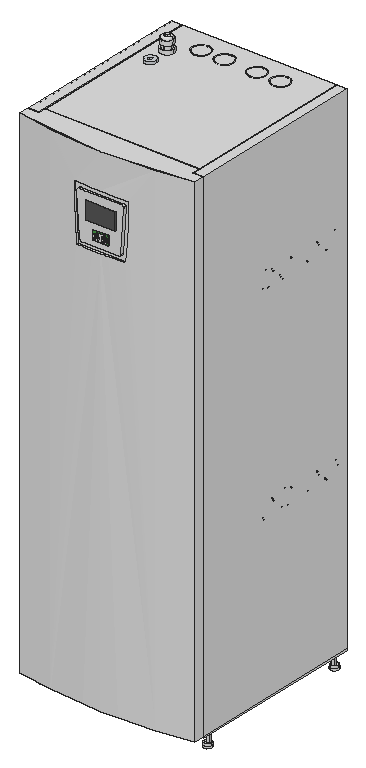
Revit family "HVAC_HeatPumpBW_Enertech_CTC-EcoPart-400_Pro", category Specialty Equipment, Revit 2020 (continued)
Lines and regions (mm)
  symbolic lines, detail levels fine
    curve 90: arc (135.992, 286.016, 0) -> (155.133, 277.691, 0) -> (163.458, 258.55, 0) r 28.484
    curve 91: arc (165.459, 258.55, 0) -> (156.547, 279.105, 0) -> (135.992, 288.017, 0) r 30.484
    curve 92: arc (106.526, 258.55, 0) -> (114.851, 277.691, 0) -> (133.992, 286.016, 0) r 28.484
    curve 93: arc (133.992, 288.017, 0) -> (113.437, 279.105, 0) -> (104.525, 258.55, 0) r 30.484
    curve 94: line (133.992, 286.016, 0) -> (133.992, 288.017, 0)
    curve 95: line (135.992, 288.017, 0) -> (135.992, 286.016, 0)
    curve 96: line (104.525, 258.55, 0) -> (106.526, 258.55, 0)
    curve 97: line (106.526, 256.55, 0) -> (104.525, 256.55, 0)
    curve 98: line (163.458, 258.55, 0) -> (165.459, 258.55, 0)
    curve 99: line (165.459, 256.55, 0) -> (163.458, 256.55, 0)
    curve 100: line (133.992, 227.083, 0) -> (133.992, 229.084, 0)
    curve 101: line (135.992, 229.084, 0) -> (135.992, 227.083, 0)
    curve 168: line (0, 218.401, 1800.305) -> (0, 182.832, 1800.305)
    curve 169: line (0, 180.5, 1798.959) -> (0, 220.733, 1798.959)
    curve 170: line (0, 216.637, 1785.2) -> (0, 184.596, 1785.2)
    curve 171: line (0, 184.596, 1771) -> (0, 216.637, 1771)
    curve 172: line (0, 222.616, 1760) -> (0, 178.616, 1760)
    curve 173: line (0, 149.865, 1760) -> (0, 111.368, 1760)
    curve 179: arc (0, 296.451, 1331) -> (0, 287.539, 1351.555) -> (0, 266.984, 1360.467) r 30.484
    curve 180: arc (0, 266.984, 1358.466) -> (0, 286.125, 1350.141) -> (0, 294.45, 1331) r 28.484
    curve 181: arc (0, 264.984, 1360.467) -> (0, 244.428, 1351.555) -> (0, 235.516, 1331) r 30.484
    curve 182: arc (0, 237.518, 1331) -> (0, 245.843, 1350.141) -> (0, 264.984, 1358.466) r 28.484
    curve 183: arc (0, 264.984, 1301.534) -> (0, 245.843, 1309.859) -> (0, 237.518, 1329) r 28.484
    curve 184: arc (0, 235.516, 1329) -> (0, 244.428, 1308.445) -> (0, 264.984, 1299.533) r 30.484
    curve 185: arc (0, 294.45, 1329) -> (0, 286.125, 1309.859) -> (0, 266.984, 1301.534) r 28.484
    curve 186: arc (0, 266.984, 1299.533) -> (0, 287.539, 1308.445) -> (0, 296.451, 1329) r 30.484
    curve 187: line (0, 237.518, 1329) -> (0, 235.516, 1329)
    curve 188: line (0, 235.516, 1331) -> (0, 237.518, 1331)
    curve 189: line (0, 266.984, 1301.534) -> (0, 266.984, 1299.533)
    curve 190: line (0, 264.984, 1299.533) -> (0, 264.984, 1301.534)
    curve 191: line (0, 296.451, 1329) -> (0, 294.45, 1329)
    curve 192: line (0, 294.45, 1331) -> (0, 296.451, 1331)
    curve 193: line (0, 266.984, 1360.467) -> (0, 266.984, 1358.466)
    curve 194: line (0, 264.984, 1358.466) -> (0, 264.984, 1360.467)
    curve 195: arc (0, 216.451, 1331) -> (0, 207.539, 1351.555) -> (0, 186.984, 1360.467) r 30.484
    curve 196: arc (0, 186.984, 1358.466) -> (0, 206.125, 1350.141) -> (0, 214.45, 1331) r 28.484
    curve 197: arc (0, 184.984, 1360.467) -> (0, 164.428, 1351.555) -> (0, 155.516, 1331) r 30.484
    curve 198: arc (0, 157.518, 1331) -> (0, 165.843, 1350.141) -> (0, 184.984, 1358.466) r 28.484
    curve 199: arc (0, 184.984, 1301.534) -> (0, 165.843, 1309.859) -> (0, 157.518, 1329) r 28.484
    curve 200: arc (0, 155.516, 1329) -> (0, 164.428, 1308.445) -> (0, 184.984, 1299.533) r 30.484
    curve 201: arc (0, 214.45, 1329) -> (0, 206.125, 1309.859) -> (0, 186.984, 1301.534) r 28.484
    curve 202: arc (0, 186.984, 1299.533) -> (0, 207.539, 1308.445) -> (0, 216.451, 1329) r 30.484
    curve 203: line (0, 157.518, 1329) -> (0, 155.516, 1329)
    curve 204: line (0, 155.516, 1331) -> (0, 157.518, 1331)
    curve 205: line (0, 186.984, 1301.534) -> (0, 186.984, 1299.533)
    curve 206: line (0, 184.984, 1299.533) -> (0, 184.984, 1301.534)
    curve 207: line (0, 216.451, 1329) -> (0, 214.45, 1329)
    curve 208: line (0, 214.45, 1331) -> (0, 216.451, 1331)
    curve 209: line (0, 186.984, 1360.467) -> (0, 186.984, 1358.466)
    curve 210: line (0, 184.984, 1358.466) -> (0, 184.984, 1360.467)
    curve 211: arc (0, 106.467, 1331) -> (0, 97.555, 1351.555) -> (0, 77, 1360.467) r 30.484
    curve 212: arc (0, 77, 1358.466) -> (0, 96.141, 1350.141) -> (0, 104.466, 1331) r 28.484
    curve 213: arc (0, 75, 1360.467) -> (0, 54.445, 1351.555) -> (0, 45.533, 1331) r 30.484
    curve 214: arc (0, 47.534, 1331) -> (0, 55.859, 1350.141) -> (0, 75, 1358.466) r 28.484
    curve 215: arc (0, 75, 1301.534) -> (0, 55.859, 1309.859) -> (0, 47.534, 1329) r 28.484
    curve 216: arc (0, 45.533, 1329) -> (0, 54.445, 1308.445) -> (0, 75, 1299.533) r 30.484
    curve 217: arc (0, 104.466, 1329) -> (0, 96.141, 1309.859) -> (0, 77, 1301.534) r 28.484
    curve 218: arc (0, 77, 1299.533) -> (0, 97.555, 1308.445) -> (0, 106.467, 1329) r 30.484
    curve 219: line (0, 47.534, 1329) -> (0, 45.533, 1329)
    curve 220: line (0, 45.533, 1331) -> (0, 47.534, 1331)
    curve 221: line (0, 77, 1301.534) -> (0, 77, 1299.533)
    curve 222: line (0, 75, 1299.533) -> (0, 75, 1301.534)
    curve 223: line (0, 106.467, 1329) -> (0, 104.466, 1329)
    curve 224: line (0, 104.466, 1331) -> (0, 106.467, 1331)
    curve 225: line (0, 77, 1360.467) -> (0, 77, 1358.466)
    curve 226: line (0, 75, 1358.466) -> (0, 75, 1360.467)
    curve 227: arc (0, 26.467, 1331) -> (0, 17.555, 1351.555) -> (0, -3, 1360.467) r 30.484
    curve 228: arc (0, -3, 1358.466) -> (0, 16.141, 1350.141) -> (0, 24.466, 1331) r 28.484
    curve 229: arc (0, -5, 1360.467) -> (0, -25.555, 1351.555) -> (0, -34.467, 1331) r 30.484
    curve 230: arc (0, -32.466, 1331) -> (0, -24.141, 1350.141) -> (0, -5, 1358.466) r 28.484
    curve 231: arc (0, -5, 1301.534) -> (0, -24.141, 1309.859) -> (0, -32.466, 1329) r 28.484
    curve 232: arc (0, -34.467, 1329) -> (0, -25.555, 1308.445) -> (0, -5, 1299.533) r 30.484
    curve 233: arc (0, 24.466, 1329) -> (0, 16.141, 1309.859) -> (0, -3, 1301.534) r 28.484
    curve 234: arc (0, -3, 1299.533) -> (0, 17.555, 1308.445) -> (0, 26.467, 1329) r 30.484
    curve 235: line (0, -32.466, 1329) -> (0, -34.467, 1329)
    curve 236: line (0, -34.467, 1331) -> (0, -32.466, 1331)
    curve 237: line (0, -3, 1301.534) -> (0, -3, 1299.533)
    curve 238: line (0, -5, 1299.533) -> (0, -5, 1301.534)
    curve 239: line (0, 26.467, 1329) -> (0, 24.466, 1329)
    curve 240: line (0, 24.466, 1331) -> (0, 26.467, 1331)
    curve 241: line (0, -3, 1360.467) -> (0, -3, 1358.466)
    curve 242: line (0, -5, 1358.466) -> (0, -5, 1360.467)
    curve 243: arc (0, 26.467, 631) -> (0, 17.555, 651.555) -> (0, -3, 660.467) r 30.484
    curve 244: arc (0, -3, 658.466) -> (0, 16.141, 650.141) -> (0, 24.466, 631) r 28.484
    curve 245: arc (0, -5, 660.467) -> (0, -25.555, 651.555) -> (0, -34.467, 631) r 30.484
    curve 246: arc (0, -32.466, 631) -> (0, -24.141, 650.141) -> (0, -5, 658.466) r 28.484
    curve 247: arc (0, -5, 601.534) -> (0, -24.141, 609.859) -> (0, -32.466, 629) r 28.484
    curve 248: arc (0, -34.467, 629) -> (0, -25.555, 608.445) -> (0, -5, 599.533) r 30.484
    curve 249: arc (0, 24.466, 629) -> (0, 16.141, 609.859) -> (0, -3, 601.534) r 28.484
    curve 250: arc (0, -3, 599.533) -> (0, 17.555, 608.445) -> (0, 26.467, 629) r 30.484
    curve 251: line (0, -32.466, 629) -> (0, -34.467, 629)
    curve 252: line (0, -34.467, 631) -> (0, -32.466, 631)
    curve 253: line (0, -3, 601.534) -> (0, -3, 599.533)
    curve 254: line (0, -5, 599.533) -> (0, -5, 601.534)
    curve 255: line (0, 26.467, 629) -> (0, 24.466, 629)
    curve 256: line (0, 24.466, 631) -> (0, 26.467, 631)
    curve 257: line (0, -3, 660.467) -> (0, -3, 658.466)
    curve 258: line (0, -5, 658.466) -> (0, -5, 660.467)
    curve 259: arc (0, 106.467, 631) -> (0, 97.555, 651.555) -> (0, 77, 660.467) r 30.484
    curve 260: arc (0, 77, 658.466) -> (0, 96.141, 650.141) -> (0, 104.466, 631) r 28.484
    curve 261: arc (0, 75, 660.467) -> (0, 54.445, 651.555) -> (0, 45.533, 631) r 30.484
    curve 262: arc (0, 47.534, 631) -> (0, 55.859, 650.141) -> (0, 75, 658.466) r 28.484
    curve 263: arc (0, 75, 601.534) -> (0, 55.859, 609.859) -> (0, 47.534, 629) r 28.484
    curve 264: arc (0, 45.533, 629) -> (0, 54.445, 608.445) -> (0, 75, 599.533) r 30.484
    curve 265: arc (0, 104.466, 629) -> (0, 96.141, 609.859) -> (0, 77, 601.534) r 28.484
    curve 266: arc (0, 77, 599.533) -> (0, 97.555, 608.445) -> (0, 106.467, 629) r 30.484
    curve 267: line (0, 47.534, 629) -> (0, 45.533, 629)
    curve 268: line (0, 45.533, 631) -> (0, 47.534, 631)
    curve 269: line (0, 77, 601.534) -> (0, 77, 599.533)
    curve 270: line (0, 75, 599.533) -> (0, 75, 601.534)
    curve 271: line (0, 106.467, 629) -> (0, 104.466, 629)
    curve 272: line (0, 104.466, 631) -> (0, 106.467, 631)
    curve 273: line (0, 77, 660.467) -> (0, 77, 658.466)
    curve 274: line (0, 75, 658.466) -> (0, 75, 660.467)
    curve 275: arc (0, 216.451, 631) -> (0, 207.539, 651.555) -> (0, 186.984, 660.467) r 30.484
    curve 276: arc (0, 186.984, 658.466) -> (0, 206.125, 650.141) -> (0, 214.45, 631) r 28.484
    curve 277: arc (0, 184.984, 660.467) -> (0, 164.428, 651.555) -> (0, 155.516, 631) r 30.484
    curve 278: arc (0, 157.518, 631) -> (0, 165.843, 650.141) -> (0, 184.984, 658.466) r 28.484
    curve 279: arc (0, 184.984, 601.534) -> (0, 165.843, 609.859) -> (0, 157.518, 629) r 28.484
    curve 280: arc (0, 155.516, 629) -> (0, 164.428, 608.445) -> (0, 184.984, 599.533) r 30.484
    curve 281: arc (0, 214.45, 629) -> (0, 206.125, 609.859) -> (0, 186.984, 601.534) r 28.484
    curve 282: arc (0, 186.984, 599.533) -> (0, 207.539, 608.445) -> (0, 216.451, 629) r 30.484
    curve 283: line (0, 157.518, 629) -> (0, 155.516, 629)
    curve 284: line (0, 155.516, 631) -> (0, 157.518, 631)
    curve 285: line (0, 186.984, 601.534) -> (0, 186.984, 599.533)
    curve 286: line (0, 184.984, 599.533) -> (0, 184.984, 601.534)
    curve 287: line (0, 216.451, 629) -> (0, 214.45, 629)
    curve 288: line (0, 214.45, 631) -> (0, 216.451, 631)
    curve 289: line (0, 186.984, 660.467) -> (0, 186.984, 658.466)
    curve 290: line (0, 184.984, 658.466) -> (0, 184.984, 660.467)
    curve 291: arc (0, 296.451, 631) -> (0, 287.539, 651.555) -> (0, 266.984, 660.467) r 30.484
    curve 292: arc (0, 266.984, 658.466) -> (0, 286.125, 650.141) -> (0, 294.45, 631) r 28.484
    curve 293: arc (0, 264.984, 660.467) -> (0, 244.428, 651.555) -> (0, 235.516, 631) r 30.484
    curve 294: arc (0, 237.518, 631) -> (0, 245.843, 650.141) -> (0, 264.984, 658.466) r 28.484
    curve 295: arc (0, 264.984, 601.534) -> (0, 245.843, 609.859) -> (0, 237.518, 629) r 28.484
    curve 296: arc (0, 235.516, 629) -> (0, 244.428, 608.445) -> (0, 264.984, 599.533) r 30.484
    curve 297: arc (0, 294.45, 629) -> (0, 286.125, 609.859) -> (0, 266.984, 601.534) r 28.484
    curve 298: arc (0, 266.984, 599.533) -> (0, 287.539, 608.445) -> (0, 296.451, 629) r 30.484
    curve 299: line (0, 237.518, 629) -> (0, 235.516, 629)
    curve 300: line (0, 235.516, 631) -> (0, 237.518, 631)
    curve 301: line (0, 266.984, 601.534) -> (0, 266.984, 599.533)
    curve 302: line (0, 264.984, 599.533) -> (0, 264.984, 601.534)
    curve 303: line (0, 296.451, 629) -> (0, 294.45, 629)
    curve 304: line (0, 294.45, 631) -> (0, 296.451, 631)
    curve 305: line (0, 266.984, 660.467) -> (0, 266.984, 658.466)
    curve 306: line (0, 264.984, 658.466) -> (0, 264.984, 660.467)
    curve 307: line (0, 316.77, 4) -> (0, 292.02, 4)
    curve 308: line (0, 309.395, 12) -> (0, 299.395, 12)
    curve 309: line (0, 332.5, 52.518) -> (0, -269.014, 52.518)
    curve 310: line (0, -269.014, 47.518) -> (0, 332.5, 47.518)
    curve 311: line (0, 309.395, 28) -> (0, 309.395, 47.518)
    curve 312: line (0, 299.395, 28) -> (0, 299.395, 47.518)
    curve 313: line (0, -233.639, 28) -> (0, -233.639, 47.518)
    curve 314: line (0, -223.605, 28) -> (0, -223.605, 47.518)
    curve 315: line (0, -116.757, 26.828) -> (0, -125.344, 18.242)
    curve 316: arc (0, -125.344, 18.242) -> (0, -126.758, 17.656) -> (0, -128.172, 18.242) r 2
    curve 317: arc (0, -113.929, 28) -> (0, -115.46, 27.696) -> (0, -116.757, 26.828) r 4
    curve 318: line (0, -128.172, 18.242) -> (0, -136.339, 26.409)
    curve 319: line (0, -137.753, 24.995) -> (0, -129.586, 16.828)
    curve 320: arc (0, -129.586, 16.828) -> (0, -126.758, 15.656) -> (0, -123.929, 16.828) r 4
    curve 321: line (0, -123.929, 16.828) -> (0, -115.343, 25.414)
    curve 322: line (0, -136.339, 26.409) -> (0, -137.753, 24.995)
    curve 323: arc (0, -115.343, 25.414) -> (0, -114.694, 25.848) -> (0, -113.929, 26) r 2
    curve 324: line (0, -113.929, 26) -> (0, -95.586, 26)
    curve 325: arc (0, -92.757, 26.828) -> (0, -94.055, 27.696) -> (0, -95.586, 28) r 4
    curve 326: arc (0, -95.586, 26) -> (0, -94.82, 25.848) -> (0, -94.171, 25.414) r 2
    curve 327: line (0, -84.171, 18.242) -> (0, -92.757, 26.828)
    curve 328: line (0, -94.171, 25.414) -> (0, -85.585, 16.828)
    curve 329: arc (0, -85.585, 16.828) -> (0, -82.756, 15.656) -> (0, -79.928, 16.828) r 4
    curve 330: arc (0, -81.342, 18.242) -> (0, -82.756, 17.656) -> (0, -84.171, 18.242) r 2
    curve 331: line (0, -73.175, 26.409) -> (0, -81.342, 18.242)
    curve 332: line (0, -79.928, 16.828) -> (0, -71.761, 24.995)
    curve 333: line (0, -71.761, 24.995) -> (0, -73.175, 26.409)
    curve 334: line (0, 159.743, 26.828) -> (0, 151.156, 18.242)
    curve 335: arc (0, 151.156, 18.242) -> (0, 149.742, 17.656) -> (0, 148.328, 18.242) r 2
    curve 336: arc (0, 162.571, 28) -> (0, 161.04, 27.696) -> (0, 159.743, 26.828) r 4
    curve 337: line (0, 148.328, 18.242) -> (0, 140.161, 26.409)
    curve 338: line (0, 138.747, 24.995) -> (0, 146.914, 16.828)
    curve 339: arc (0, 146.914, 16.828) -> (0, 149.742, 15.656) -> (0, 152.571, 16.828) r 4
    curve 340: line (0, 152.571, 16.828) -> (0, 161.157, 25.414)
    curve 341: line (0, 140.161, 26.409) -> (0, 138.747, 24.995)
    curve 342: arc (0, 161.157, 25.414) -> (0, 161.806, 25.848) -> (0, 162.571, 26) r 2
    curve 343: line (0, 162.571, 26) -> (0, 180.914, 26)
    curve 344: arc (0, 183.743, 26.828) -> (0, 182.445, 27.696) -> (0, 180.914, 28) r 4
    curve 345: arc (0, 180.914, 26) -> (0, 181.68, 25.848) -> (0, 182.329, 25.414) r 2
    curve 346: line (0, 192.329, 18.242) -> (0, 183.743, 26.828)
    curve 347: line (0, 182.329, 25.414) -> (0, 190.915, 16.828)
    curve 348: arc (0, 190.915, 16.828) -> (0, 193.744, 15.656) -> (0, 196.572, 16.828) r 4
    curve 349: arc (0, 195.158, 18.242) -> (0, 193.744, 17.656) -> (0, 192.329, 18.242) r 2
    curve 350: line (0, 203.325, 26.409) -> (0, 195.158, 18.242)
    curve 351: line (0, 196.572, 16.828) -> (0, 204.739, 24.995)
    curve 352: line (0, 204.739, 24.995) -> (0, 203.325, 26.409)
    curve 353: line (0, -273.014, 52.518) -> (0, -273.014, 1760)
    curve 354: line (0, -297.936, 1760) -> (0, -297.936, 52.518)
    curve 355: line (0, -312.015, 52.5) -> (0, -313.834, 1760)
    curve 356: line (0, -323.074, 1760) -> (0, -312.015, 52.5)
    curve 357: line (0, -233.639, 12) -> (0, -223.605, 12)
    curve 358: line (0, -216.264, 4) -> (0, -241.014, 4)
    curve 411: line (-222.893, 0, 1800.305) -> (-187.324, 0, 1800.305)
    curve 412: line (-184.992, 0, 1798.959) -> (-225.225, 0, 1798.959)
    curve 413: line (-221.129, 0, 1785.2) -> (-189.088, 0, 1785.2)
    curve 414: line (-221.129, 0, 1771) -> (-189.088, 0, 1771)
    curve 415: line (-227.108, 0, 1760) -> (-183.108, 0, 1760)
    curve 416: line (-185.86, 0, 1760) -> (-185.86, 0, 1766)
    curve 417: line (-185.86, 0, 1766) -> (-224.357, 0, 1766)
    curve 418: line (-224.357, 0, 1766) -> (-224.357, 0, 1760)
    curve 419: line (-298, 0, 52.5) -> (298, 0, 52.5)
    curve 420: line (284.5, 0, 47.518) -> (274.5, 0, 47.518)
    curve 421: line (274.5, 0, 12) -> (284.5, 0, 12)
    curve 422: line (267.125, 0, 4) -> (291.875, 0, 4)
    curve 423: line (255.5, 0, 28) -> (-255.5, 0, 28)
    curve 424: line (-255.5, 0, 26.409) -> (255.5, 0, 26.409)
    curve 425: line (255.5, 0, 24.995) -> (-255.5, 0, 24.995)
    curve 426: line (-267.125, 0, 4) -> (-291.875, 0, 4)
    curve 427: line (-284.5, 0, 12) -> (-274.5, 0, 12)
    curve 428: line (-274.5, 0, 47.518) -> (-284.5, 0, 47.518)
    curve 429: line (-208, 0, 1760) -> (-285.5, 0, 52.5)
    curve 430: line (285.5, 0, 52.5) -> (208, 0, 1760)
    curve 431: line (285.5, 0, 52.5) -> (258, 0, 1760)
    curve 432: line (93, 0, 1638.587) -> (-93, 0, 1638.587)
    curve 433: arc (-93, 0, 1638.587) -> (-91.512, 0, 1543.484) -> (-83.299, 0, 1448.723) r 1343.594
    curve 434: line (-83.299, 0, 1448.723) -> (83.299, 0, 1448.723)
    curve 435: arc (83.299, 0, 1448.723) -> (91.512, 0, 1543.484) -> (93, 0, 1638.587) r 1343.594
    curve 436: arc (69.564, 0, 1470.884) -> (77.259, 0, 1542.94) -> (79.512, 0, 1615.37) r 962.676
    curve 437: line (71.512, 0, 1623.318) -> (-71.512, 0, 1623.318)
    curve 438: arc (79.512, 0, 1615.37) -> (77.15, 0, 1620.993) -> (71.512, 0, 1623.318) r 8
    curve 439: arc (-71.512, 0, 1623.318) -> (-77.15, 0, 1620.993) -> (-79.512, 0, 1615.37) r 8
    curve 440: arc (-79.512, 0, 1615.37) -> (-77.259, 0, 1542.94) -> (-69.564, 0, 1470.884) r 962.676
    curve 441: arc (-69.564, 0, 1470.884) -> (-66.882, 0, 1465.983) -> (-61.647, 0, 1464.032) r 8
    curve 442: line (-61.647, 0, 1464.032) -> (61.647, 0, 1464.032)
    curve 443: arc (61.647, 0, 1464.032) -> (66.882, 0, 1465.983) -> (69.564, 0, 1470.884) r 8
    curve 444: line (-50.67, 0, 1536.092) -> (50.67, 0, 1536.092)
    curve 445: line (50.67, 0, 1536.092) -> (50.67, 0, 1596.158)
    curve 446: line (50.67, 0, 1596.158) -> (-50.67, 0, 1596.158)
    curve 447: line (-50.67, 0, 1596.158) -> (-50.67, 0, 1536.092)
    curve 448: line (25.5, 0, 1514.675) -> (-25.5, 0, 1514.675)
    curve 449: arc (-25.5, 0, 1514.675) -> (-26.914, 0, 1514.089) -> (-27.5, 0, 1512.675) r 2
    curve 450: line (-27.5, 0, 1512.675) -> (-27.5, 0, 1483.675)
    curve 451: arc (-27.5, 0, 1483.675) -> (-26.914, 0, 1482.261) -> (-25.5, 0, 1481.675) r 2
    curve 452: line (-25.5, 0, 1481.675) -> (25.5, 0, 1481.675)
    curve 453: arc (25.5, 0, 1481.675) -> (26.914, 0, 1482.261) -> (27.5, 0, 1483.675) r 2
    curve 454: line (27.5, 0, 1483.675) -> (27.5, 0, 1512.675)
    curve 455: arc (27.5, 0, 1512.675) -> (26.914, 0, 1514.089) -> (25.5, 0, 1514.675) r 2
    curve 456: spline (24.54, 0, 1497.655) -> (22.341, 0, 1501.729) -> (18.495, 0, 1504.309) -> (13.888, 0, 1504.801) -> (9.584, 0, 1503.092) -> (6.572, 0, 1499.574) -> (5.548, 0, 1495.059) -> (6.747, 0, 1490.587) -> (9.893, 0, 1487.189) -> (14.261, 0, 1485.647) -> (18.844, 0, 1486.318) -> (22.587, 0, 1489.046) -> (24.627, 0, 1493.202)
    curve 457: spline (18.433, 0, 1493.202) -> (17.635, 0, 1491.072) -> (16.341, 0, 1489.726) -> (14.815, 0, 1489.436) -> (13.364, 0, 1490.263) -> (12.285, 0, 1492.037) -> (11.795, 0, 1494.399) -> (11.994, 0, 1496.871) -> (12.842, 0, 1498.95) -> (14.166, 0, 1500.215) -> (15.698, 0, 1500.41) -> (17.128, 0, 1499.494) -> (18.165, 0, 1497.655)
    curve 458: line (18.165, 0, 1497.655) -> (24.54, 0, 1497.655)
    curve 459: line (24.627, 0, 1493.202) -> (18.433, 0, 1493.202)
    curve 460: line (11.698, 0, 1510.834) -> (-11.698, 0, 1510.834)
    curve 461: line (3.815, 0, 1505.508) -> (11.698, 0, 1505.514)
    curve 462: line (-11.698, 0, 1505.493) -> (-3.818, 0, 1505.502)
    curve 463: line (-11.698, 0, 1510.834) -> (-11.698, 0, 1505.493)
    curve 464: line (11.698, 0, 1505.514) -> (11.698, 0, 1510.834)
    curve 465: line (-3.818, 0, 1505.502) -> (-3.81, 0, 1485.555)
    curve 466: line (3.815, 0, 1485.555) -> (3.815, 0, 1505.508)
    curve 467: line (-3.81, 0, 1485.555) -> (3.815, 0, 1485.555)
    curve 468: spline (-5.46, 0, 1497.655) -> (-7.659, 0, 1501.729) -> (-11.505, 0, 1504.309) -> (-16.112, 0, 1504.801) -> (-20.416, 0, 1503.092) -> (-23.428, 0, 1499.574) -> (-24.452, 0, 1495.059) -> (-23.253, 0, 1490.587) -> (-20.107, 0, 1487.189) -> (-15.739, 0, 1485.647) -> (-11.156, 0, 1486.318) -> (-7.413, 0, 1489.046) -> (-5.373, 0, 1493.202)
    curve 469: spline (-11.567, 0, 1493.202) -> (-12.365, 0, 1491.072) -> (-13.659, 0, 1489.726) -> (-15.185, 0, 1489.436) -> (-16.636, 0, 1490.263) -> (-17.715, 0, 1492.037) -> (-18.205, 0, 1494.399) -> (-18.006, 0, 1496.871) -> (-17.158, 0, 1498.95) -> (-15.834, 0, 1500.215) -> (-14.302, 0, 1500.41) -> (-12.872, 0, 1499.494) -> (-11.835, 0, 1497.655)
    curve 470: line (-5.373, 0, 1493.202) -> (-11.567, 0, 1493.202)
    curve 471: line (-11.835, 0, 1497.655) -> (-5.46, 0, 1497.655)
    curve 478: line (-285.5, 0, 52.5) -> (-258, 0, 1760)
  symbolic lines, detail levels coarse
    curve 102: line (-298, 336.5, 0) -> (-298, -336.5, 0)
    curve 103: line (-298, -336.5, 0) -> (298, -336.5, 0)
    curve 104: line (298, -336.5, 0) -> (298, 336.5, 0)
    curve 123: line (0, 222.616, 1807) -> (0, 178.616, 1807)
    curve 124: line (0, 178.616, 1807) -> (0, 178.616, 1760)
    curve 125: line (0, 222.616, 1760) -> (0, 222.616, 1807)
    curve 126: line (0, -336.5, 1760) -> (0, -336.5, 0)
    curve 127: line (0, -336.5, 0) -> (0, 336.5, 0)
    curve 128: line (0, 336.5, 0) -> (0, 336.5, 1560.571)
    curve 472: line (-227.108, 0, 1760) -> (-227.108, 0, 1807)
    curve 473: line (-183.108, 0, 1760) -> (-183.108, 0, 1807)
    curve 474: line (-227.108, 0, 1807) -> (-183.108, 0, 1807)
    curve 475: line (-298, 0, 1760) -> (-298, 0, 0)
    curve 476: line (-298, 0, 0) -> (298, 0, 0)
    curve 477: line (298, 0, 0) -> (298, 0, 1760)
Dimensions and locks
  equal spacing: plane 4, plane 3 "Center (Left/Right)", plane 5
  "NominalWidth": plane 4 to plane 5
  equal spacing: plane 6, plane 1 "Center (Front/Back)", plane 7
  "NominalDepth": plane 6 to plane 7
  "NominalHeight": plane 8 to level
  aligned and locked: level to plane 2
Automatic sketch dimensions
  curve 24 to curve 25 = 0 mm  (x2)
  curve 24 to curve 26 = 0 mm  (x2)
  curve 24 to curve 27 = 0 mm  (x2)
  curve 25 to curve 26 = 0 mm  (x2)
  curve 25 to curve 27 = 0 mm  (x2)
  curve 26 to curve 27 = 0 mm  (x2)
  curve 28 to curve 29 = 0 mm  (x2)
  curve 28 to curve 30 = 0 mm  (x2)
  curve 28 to curve 31 = 0 mm  (x2)
  curve 28 to curve 32 = 0 mm  (x2)
  curve 28 to curve 33 = 0 mm  (x2)
  curve 28 to curve 34 = 0 mm  (x2)
  curve 28 to curve 35 = 0 mm  (x2)
  curve 28 to curve 36 = 0 mm  (x2)
  curve 28 to curve 37 = 0 mm  (x2)
  curve 29 to curve 30 = 0 mm  (x2)
  curve 29 to curve 31 = 0 mm  (x2)
  curve 29 to curve 32 = 0 mm  (x2)
  curve 29 to curve 33 = 0 mm  (x2)
  curve 29 to curve 34 = 0 mm  (x2)
  curve 29 to curve 35 = 0 mm  (x2)
  curve 29 to curve 36 = 0 mm  (x2)
  curve 29 to curve 37 = 0 mm  (x2)
  curve 30 to curve 31 = 0 mm  (x2)
  curve 30 to curve 32 = 0 mm  (x2)
  curve 30 to curve 33 = 0 mm  (x2)
  curve 30 to curve 34 = 0 mm  (x2)
  curve 30 to curve 35 = 0 mm  (x2)
  curve 30 to curve 36 = 0 mm  (x2)
  curve 30 to curve 37 = 0 mm  (x2)
  curve 31 to curve 32 = 0 mm  (x2)
  curve 31 to curve 33 = 0 mm  (x2)
  curve 31 to curve 34 = 0 mm  (x2)
  curve 31 to curve 35 = 0 mm  (x2)
  curve 31 to curve 36 = 0 mm  (x2)
  curve 31 to curve 37 = 0 mm  (x2)
  curve 32 to curve 33 = 0 mm  (x2)
  curve 32 to curve 34 = 0 mm  (x2)
  curve 32 to curve 35 = 0 mm  (x2)
  curve 32 to curve 36 = 0 mm  (x2)
  curve 32 to curve 37 = 0 mm  (x2)
  curve 33 to curve 34 = 0 mm  (x2)
  curve 33 to curve 35 = 0 mm  (x2)
  curve 33 to curve 36 = 0 mm  (x2)
  curve 33 to curve 37 = 0 mm  (x2)
  curve 34 to curve 35 = 0 mm  (x2)
  curve 34 to curve 36 = 0 mm  (x2)
  curve 34 to curve 37 = 0 mm  (x2)
  curve 35 to curve 36 = 0 mm  (x2)
  curve 35 to curve 37 = 0 mm  (x2)
  curve 36 to curve 37 = 0 mm  (x2)
  curve 38 to curve 39 = 0 mm  (x2)
  curve 38 to curve 40 = 0 mm  (x2)
  curve 38 to curve 41 = 0 mm  (x2)
  curve 38 to curve 42 = 0 mm  (x2)
  curve 38 to curve 43 = 0 mm  (x2)
  curve 38 to curve 44 = 0 mm  (x2)
  curve 38 to curve 45 = 0 mm  (x2)
  curve 39 to curve 40 = 0 mm  (x2)
  curve 39 to curve 41 = 0 mm  (x2)
  curve 39 to curve 42 = 0 mm  (x2)
  curve 39 to curve 43 = 0 mm  (x2)
  curve 39 to curve 44 = 0 mm  (x2)
  curve 39 to curve 45 = 0 mm  (x2)
  curve 40 to curve 41 = 0 mm  (x2)
  curve 40 to curve 42 = 0 mm  (x2)
  curve 40 to curve 43 = 0 mm  (x2)
  curve 40 to curve 44 = 0 mm  (x2)
  curve 40 to curve 45 = 0 mm  (x2)
  curve 41 to curve 42 = 0 mm  (x2)
  curve 41 to curve 43 = 0 mm  (x2)
  curve 41 to curve 44 = 0 mm  (x2)
  curve 41 to curve 45 = 0 mm  (x2)
  curve 42 to curve 43 = 0 mm  (x2)
  curve 42 to curve 44 = 0 mm  (x2)
  curve 42 to curve 45 = 0 mm  (x2)
  curve 43 to curve 44 = 0 mm  (x2)
  curve 43 to curve 45 = 0 mm  (x2)
  curve 44 to curve 45 = 0 mm  (x2)
  curve 54 to curve 55 = 0 mm  (x2)
  curve 54 to curve 56 = 0 mm  (x2)
  curve 54 to curve 57 = 0 mm  (x2)
  curve 54 to curve 58 = 0 mm  (x2)
  curve 54 to curve 59 = 0 mm  (x2)
  curve 54 to curve 60 = 0 mm  (x2)
  curve 54 to curve 61 = 0 mm  (x2)
  curve 55 to curve 56 = 0 mm  (x2)
  curve 55 to curve 57 = 0 mm  (x2)
  curve 55 to curve 58 = 0 mm  (x2)
  curve 55 to curve 59 = 0 mm  (x2)
  curve 55 to curve 60 = 0 mm  (x2)
  curve 55 to curve 61 = 0 mm  (x2)
  curve 56 to curve 57 = 0 mm  (x2)
  curve 56 to curve 58 = 0 mm  (x2)
  curve 56 to curve 59 = 0 mm  (x2)
  curve 56 to curve 60 = 0 mm  (x2)
  curve 56 to curve 61 = 0 mm  (x2)
  curve 57 to curve 58 = 0 mm  (x2)
  curve 57 to curve 59 = 0 mm  (x2)
  curve 57 to curve 60 = 0 mm  (x2)
  curve 57 to curve 61 = 0 mm  (x2)
  curve 58 to curve 59 = 0 mm  (x2)
  curve 58 to curve 60 = 0 mm  (x2)
  curve 58 to curve 61 = 0 mm  (x2)
  curve 59 to curve 60 = 0 mm  (x2)
  curve 59 to curve 61 = 0 mm  (x2)
  curve 60 to curve 61 = 0 mm  (x2)
  curve 70 to curve 71 = 0 mm  (x2)
  curve 70 to curve 72 = 0 mm  (x2)
  curve 70 to curve 73 = 0 mm  (x2)
  curve 70 to curve 74 = 0 mm  (x2)
  curve 70 to curve 75 = 0 mm  (x2)
  curve 70 to curve 76 = 0 mm  (x2)
  curve 70 to curve 77 = 0 mm  (x2)
  curve 71 to curve 72 = 0 mm  (x2)
  curve 71 to curve 73 = 0 mm  (x2)
  curve 71 to curve 74 = 0 mm  (x2)
  curve 71 to curve 75 = 0 mm  (x2)
  curve 71 to curve 76 = 0 mm  (x2)
  curve 71 to curve 77 = 0 mm  (x2)
  curve 72 to curve 73 = 0 mm  (x2)
  curve 72 to curve 74 = 0 mm  (x2)
  curve 72 to curve 75 = 0 mm  (x2)
  curve 72 to curve 76 = 0 mm  (x2)
  curve 72 to curve 77 = 0 mm  (x2)
  curve 73 to curve 74 = 0 mm  (x2)
  curve 73 to curve 75 = 0 mm  (x2)
  curve 73 to curve 76 = 0 mm  (x2)
  curve 73 to curve 77 = 0 mm  (x2)
  curve 74 to curve 75 = 0 mm  (x2)
  curve 74 to curve 76 = 0 mm  (x2)
  curve 74 to curve 77 = 0 mm  (x2)
  curve 75 to curve 76 = 0 mm  (x2)
  curve 75 to curve 77 = 0 mm  (x2)
  curve 76 to curve 77 = 0 mm  (x2)
  curve 86 to curve 87 = 0 mm  (x2)
  curve 86 to curve 88 = 0 mm  (x2)
  curve 86 to curve 89 = 0 mm  (x2)
  curve 86 to curve 90 = 0 mm  (x2)
  curve 86 to curve 91 = 0 mm  (x2)
  curve 86 to curve 92 = 0 mm  (x2)
  curve 86 to curve 93 = 0 mm  (x2)
  curve 87 to curve 88 = 0 mm  (x2)
  curve 87 to curve 89 = 0 mm  (x2)
  curve 87 to curve 90 = 0 mm  (x2)
  curve 87 to curve 91 = 0 mm  (x2)
  curve 87 to curve 92 = 0 mm  (x2)
  curve 87 to curve 93 = 0 mm  (x2)
  curve 88 to curve 89 = 0 mm  (x2)
  curve 88 to curve 90 = 0 mm  (x2)
  curve 88 to curve 91 = 0 mm  (x2)
  curve 88 to curve 92 = 0 mm  (x2)
  curve 88 to curve 93 = 0 mm  (x2)
  curve 89 to curve 90 = 0 mm  (x2)
  curve 89 to curve 91 = 0 mm  (x2)
  curve 89 to curve 92 = 0 mm  (x2)
  curve 89 to curve 93 = 0 mm  (x2)
  curve 90 to curve 91 = 0 mm  (x2)
  curve 90 to curve 92 = 0 mm  (x2)
  curve 90 to curve 93 = 0 mm  (x2)
  curve 91 to curve 92 = 0 mm  (x2)
  curve 91 to curve 93 = 0 mm  (x2)
  curve 92 to curve 93 = 0 mm  (x2)
  curve 103 to plane 4 = 0 mm
  curve 20 to plane 6 = 0 mm
  curve 13 to plane 3 "Center (Left/Right)" = 0 mm
  curve 16 to plane 5 = 0 mm
  curve 103 to plane 7 = 0 mm
  plane 4 to curve 19 = 35 mm
  plane 4 to curve 11 = 40 mm
  curve 20 to curve 8 = 24.493 mm
  curve 8 to curve 6 = 28 mm
  plane 7 to curve 12 = 13.426 mm
  curve 11 to curve 12 = 50 mm
  plane 4 to curve 28 = 92.892 mm
  curve 27 to curve 28 = 0 mm
  curve 28 to curve 49 = 39.649 mm
  curve 48 to curve 49 = 0 mm  (x2)
  curve 49 to curve 49 = 2.001 mm
  curve 48 to curve 46 = 27.466 mm
  curve 38 to curve 52 = 27.466 mm
  curve 49 to curve 43 = 28.466 mm
  curve 38 to curve 53 = 2 mm
  curve 46 to curve 47 = 2 mm
  curve 38 to curve 50 = 28.466 mm
  curve 51 to curve 42 = 0 mm
  curve 42 to curve 50 = 2.001 mm
  curve 51 to curve 43 = 0 mm
  curve 43 to curve 64 = 19.066 mm
  curve 65 to curve 61 = 0 mm
  curve 55 to curve 65 = 2.001 mm
  curve 64 to curve 65 = 0 mm
  curve 64 to curve 62 = 27.466 mm
  curve 54 to curve 68 = 27.466 mm
  curve 65 to curve 60 = 28.466 mm
  curve 68 to curve 69 = 2 mm
  curve 60 to curve 63 = 2 mm
  curve 66 to plane 3 "Center (Left/Right)" = 26.526 mm
  curve 67 to curve 58 = 0 mm
  curve 66 to curve 66 = 2.001 mm
  curve 67 to curve 66 = 0 mm
  plane 3 "Center (Left/Right)" to curve 81 = 24.525 mm
  curve 80 to curve 71 = 0 mm
  curve 81 to curve 81 = 2.001 mm
  curve 80 to curve 81 = 0 mm
  curve 80 to curve 78 = 27.466 mm
  curve 70 to curve 84 = 27.466 mm
  curve 81 to curve 77 = 28.466 mm
  curve 71 to curve 85 = 2 mm
  curve 77 to curve 79 = 2 mm
  curve 70 to curve 83 = 28.466 mm
  curve 82 to curve 72 = 0 mm
  curve 72 to curve 83 = 2.001 mm
  curve 82 to curve 73 = 0 mm
  curve 73 to curve 97 = 19.066 mm
  curve 96 to curve 87 = 0 mm
  curve 93 to curve 96 = 2.001 mm
  curve 97 to curve 96 = 0 mm
  curve 92 to curve 94 = 27.466 mm
  curve 86 to curve 100 = 27.466 mm
  curve 97 to curve 89 = 28.466 mm
  curve 87 to curve 101 = 2 mm
  curve 93 to curve 95 = 2 mm
  curve 86 to curve 99 = 28.466 mm
  curve 98 to curve 99 = 0 mm
  curve 88 to curve 99 = 2.001 mm
  curve 98 to curve 89 = 0 mm
  plane 7 to curve 14 = 13.426 mm
  curve 4 to plane 5 = 87.493 mm
  plane 6 to curve 2 = 1 mm
  curve 3 to curve 2 = 28 mm
  curve 15 to plane 5 = 40 mm
  curve 17 to plane 5 = 35 mm
  plane 7 to curve 14 = 22.666 mm
  plane 7 to curve 11 = 22.666 mm
  curve 103 to curve 15 = 38.564 mm
  plane 7 to curve 10 = 38.564 mm
  curve 11 to curve 20 = 40.82 mm
  curve 14 to curve 18 = 40.82 mm
  curve 25 to plane 1 "Center (Front/Back)" = 130.616 mm
  curve 24 to curve 33 = 70 mm
  curve 101 to plane 6 = 109.417 mm
  curve 69 to plane 6 = 109.417 mm
  curve 84 to curve 89 = 0 mm
  curve 28 to curve 53 = 29.966 mm
  curve 71 to curve 85 = 0 mm
  curve 100 to curve 89 = 0 mm
  curve 52 to curve 53 = 0 mm
  curve 68 to curve 69 = 0 mm
  curve 89 to curve 101 = 2.001 mm
  curve 39 to curve 52 = 2.001 mm
  curve 73 to curve 85 = 2.001 mm
  curve 68 to curve 68 = 2.001 mm
  curve 57 to curve 66 = 2 mm
  curve 89 to curve 98 = 2 mm
  curve 97 to curve 96 = 2 mm
  curve 65 to curve 64 = 2 mm
  curve 40 to curve 50 = 2 mm
  curve 49 to curve 48 = 2 mm
  curve 73 to curve 82 = 2 mm
  curve 81 to curve 80 = 2 mm
  plane 6 to curve 8 = 1 mm
  plane 6 to curve 13 = 937.934 mm
  curve 28 to curve 28 = 22 mm
  curve 28 to curve 29 = 1.883 mm
  curve 24 to curve 24 = 19.248 mm
  curve 29 to curve 30 = 2.332 mm
  curve 35 to curve 31 = 6.435 mm
  curve 26 to curve 24 = 7.026 mm
  curve 32 to curve 28 = 5.5 mm
  curve 17 to curve 21 = 26 mm
  curve 475 to level = 0 mm
  curve 475 to plane 4 = 0 mm
  curve 385 to level = 0 mm
  curve 478 to plane 8 = 0 mm
  curve 365 to level = 0 mm
  curve 408 to plane 5 = 0 mm
  curve 436 to plane 8 = 150.939 mm
  curve 436 to plane 4 = 585.144 mm
  curve 435 to plane 8 = 147.962 mm
  curve 435 to curve 436 = 367.188 mm
  plane 4 to curve 386 = 4.125 mm
  curve 385 to curve 426 = 2 mm
  plane 4 to curve 428 = 13.5 mm
  curve 389 to curve 379 = 10 mm
  curve 379 to curve 380 = 7.375 mm
  curve 381 to curve 384 = 2 mm
  curve 378 to curve 377 = 11.5 mm
  curve 376 to curve 375 = 7.5 mm
  plane 4 to curve 415 = 70.892 mm
  curve 472 to curve 398 = 1.883 mm
  curve 393 to curve 418 = 2.752 mm
  curve 397 to curve 398 = 2.332 mm
  curve 396 to curve 396 = 4.096 mm
  curve 398 to curve 399 = 6.695 mm
  curve 400 to curve 410 = 22.439 mm
  curve 410 to curve 413 = 4.671 mm
  plane 8 to curve 401 = 40.305 mm
  curve 410 to curve 401 = 6.435 mm
  curve 404 to curve 416 = 3.228 mm
  curve 403 to curve 402 = 4.096 mm
  curve 401 to curve 474 = 4.216 mm
  curve 432 to plane 3 "Center (Left/Right)" = 93 mm
  curve 434 to plane 3 "Center (Left/Right)" = 83.299 mm
  curve 433 to curve 439 = 21.488 mm
  curve 433 to curve 441 = 21.653 mm
  curve 447 to plane 3 "Center (Left/Right)" = 50.67 mm
  curve 450 to plane 3 "Center (Left/Right)" = 27.5 mm
  curve 449 to curve 448 = 2 mm
  curve 450 to curve 451 = 2 mm
  curve 471 to plane 3 "Center (Left/Right)" = 11.835 mm
  curve 469 to curve 463 = 0.137 mm
  curve 471 to curve 470 = 0.268 mm
  curve 471 to plane 3 "Center (Left/Right)" = 5.46 mm
  curve 468 to curve 470 = 0.087 mm
  curve 465 to plane 3 "Center (Left/Right)" = 3.818 mm
  curve 467 to plane 3 "Center (Left/Right)" = 3.81 mm
  plane 3 "Center (Left/Right)" to curve 466 = 3.815 mm
  curve 461 to curve 464 = 7.883 mm
  curve 461 to curve 458 = 6.467 mm
  curve 458 to curve 459 = 0.268 mm
  curve 458 to curve 458 = 6.375 mm
  curve 456 to curve 459 = 0.087 mm
  curve 459 to curve 452 = 0.873 mm
  curve 460 to curve 448 = 13.802 mm
  curve 453 to curve 454 = 2 mm
  curve 454 to curve 445 = 23.17 mm
  curve 453 to curve 443 = 34.147 mm
  curve 445 to curve 438 = 20.842 mm
  curve 442 to curve 434 = 21.653 mm
  curve 437 to curve 432 = 21.488 mm
  curve 372 to plane 5 = 42.5 mm
  curve 372 to curve 371 = 7.5 mm
  level to curve 365 = 4 mm
  curve 373 to curve 365 = 9.625 mm
  curve 365 to curve 422 = 2 mm
  curve 370 to curve 369 = 11.5 mm
  curve 369 to curve 409 = 10 mm
  curve 361 to plane 5 = 6.125 mm
  curve 364 to plane 5 = 4.125 mm
  curve 440 to plane 8 = 150.939 mm
  plane 5 to curve 440 = 585.144 mm
  curve 433 to plane 8 = 147.962 mm
  curve 383 to curve 383 = 4 mm
  curve 386 to curve 389 = 8 mm
  curve 361 to curve 361 = 8 mm
  curve 380 to curve 375 = 3.656 mm
  curve 374 to curve 376 = 12.344 mm
  curve 376 to curve 428 = 19.518 mm
  curve 371 to curve 371 = 19.518 mm
  curve 434 to curve 406 = 311.277 mm
  curve 433 to curve 442 = 15.308 mm
  curve 442 to curve 443 = 8 mm
  curve 441 to curve 441 = 8 mm
  curve 443 to curve 452 = 9.643 mm
  curve 451 to curve 467 = 1.88 mm
  curve 453 to curve 459 = 9.527 mm
  curve 465 to curve 470 = 7.647 mm
  curve 457 to curve 458 = 4.452 mm
  curve 469 to curve 471 = 4.452 mm
  curve 469 to curve 463 = 7.839 mm
  curve 462 to curve 462 = 0.008 mm
  curve 462 to curve 466 = 0.006 mm
  curve 461 to curve 464 = 0.006 mm
  curve 462 to curve 460 = 5.341 mm
  curve 460 to curve 450 = 1.841 mm
  curve 449 to curve 444 = 23.417 mm
  curve 445 to curve 435 = 42.429 mm
  curve 445 to curve 438 = 19.16 mm
  curve 446 to curve 439 = 19.16 mm
  curve 439 to curve 437 = 8 mm
  plane 8 to curve 418 = 6 mm
  curve 416 to curve 404 = 5 mm
  curve 404 to curve 403 = 14.2 mm
  curve 398 to curve 400 = 1.347 mm
  curve 398 to curve 472 = 6.695 mm
  curve 478 to curve 389 = 1 mm
  curve 429 to curve 478 = 0 mm
  curve 478 to curve 392 = 30.892 mm
  curve 418 to curve 429 = 16.357 mm
  curve 440 to curve 439 = 0 mm
  curve 469 to curve 469 = 3.241 mm
  curve 469 to curve 468 = 0.004 mm
  curve 457 to curve 457 = 3.241 mm
  curve 457 to curve 456 = 0.004 mm
  curve 436 to curve 443 = 0 mm
  curve 430 to plane 5 = 90 mm
  curve 431 to plane 5 = 40 mm
  curve 359 to curve 431 = 1 mm
  curve 430 to curve 431 = 0 mm
  curve 425 to curve 375 = 3.005 mm
  curve 425 to curve 424 = 1.414 mm
  curve 390 to curve 419 = 4.982 mm
  curve 456 to curve 459 = 7.6 mm
  curve 468 to curve 469 = 7.6 mm
  curve 456 to curve 457 = 3.801 mm
  curve 468 to curve 469 = 3.801 mm
  Extrusion 1 sketch curve to plane 6 = 0 mm
  plane 4 to Extrusion 1 sketch curve = 35 mm
  Extrusion 1 sketch curve to Extrusion 1 sketch curve = 2 mm  (x3)
  Extrusion 1 sketch curve to plane 6 = 2 mm
  Extrusion 1 sketch curve to plane 5 = 37 mm
  plane 7 to Extrusion 1 sketch curve = 91.486 mm
  Extrusion 2 sketch curve to plane 6 = 0 mm
  plane 4 to Extrusion 2 sketch curve = 35 mm
  Extrusion 2 sketch curve to plane 5 = 35 mm
  plane 7 to Extrusion 2 sketch curve = 89.486 mm
  Extrusion 3 sketch curve to plane 4 = 0 mm
  Extrusion 3 sketch curve to plane 6 = 0 mm  (x2)
  Extrusion 3 sketch curve to plane 5 = 0 mm
  plane 4 to Extrusion 3 sketch curve = 2 mm
  Extrusion 3 sketch curve to Extrusion 3 sketch curve = 31 mm
  Extrusion 3 sketch curve to Extrusion 3 sketch curve = 2 mm  (x4)
  Extrusion 3 sketch curve to plane 5 = 35 mm
  Extrusion 3 sketch curve to plane 5 = 2 mm
  Extrusion 3 sketch curve to plane 6 = 2 mm  (x2)
  plane 7 to Extrusion 3 sketch curve = 65.486 mm  (x2)
  Extrusion 4 sketch curve to plane 4 = 0 mm
  Extrusion 4 sketch curve to plane 6 = 0 mm  (x2)
  Extrusion 4 sketch curve to plane 5 = 0 mm
  plane 4 to Extrusion 4 sketch curve = 35 mm
  Extrusion 4 sketch curve to plane 5 = 35 mm
  plane 7 to Extrusion 4 sketch curve = 63.486 mm  (x2)
  Extrusion 5 sketch curve to plane 4 = 0 mm
  Extrusion 5 sketch curve to plane 5 = 0 mm
  plane 4 to Extrusion 5 sketch curve = 35 mm
  Extrusion 5 sketch curve to plane 5 = 35 mm
  level to Extrusion 5 sketch curve = 28 mm
  Extrusion 5 sketch curve to Extrusion 5 sketch curve = 19.518 mm  (x2)
  Extrusion 5 sketch curve to Extrusion 5 sketch curve = 5 mm
  Extrusion 6 sketch curve to Extrusion 6 sketch curve = 0 mm  (x246)
  plane 4 to Extrusion 6 sketch curve = 132.541 mm
  Extrusion 6 sketch curve to Extrusion 6 sketch curve = 2.001 mm  (x12)
  Extrusion 6 sketch curve to Extrusion 6 sketch curve = 27.466 mm  (x8)
  Extrusion 6 sketch curve to Extrusion 6 sketch curve = 28.466 mm  (x4)
  Extrusion 6 sketch curve to Extrusion 6 sketch curve = 2 mm  (x16)
  Extrusion 6 sketch curve to Extrusion 6 sketch curve = 19.066 mm  (x2)
  Extrusion 6 sketch curve to Extrusion 6 sketch curve = 1 mm  (x3)
  Extrusion 6 sketch curve to plane 3 "Center (Left/Right)" = 26.526 mm
  plane 3 "Center (Left/Right)" to Extrusion 6 sketch curve = 24.525 mm
  Extrusion 6 sketch curve to plane 6 = 109.417 mm  (x2)
  Extrusion 7 sketch curve to Extrusion 7 sketch curve = 0 mm  (x494)
  plane 1 "Center (Front/Back)" to Extrusion 7 sketch curve = 34.467 mm  (x2)
  Extrusion 7 sketch curve to Extrusion 7 sketch curve = 2.001 mm  (x24)
  plane 1 "Center (Front/Back)" to Extrusion 7 sketch curve = 5 mm  (x4)
  plane 1 "Center (Front/Back)" to Extrusion 7 sketch curve = 4 mm  (x2)
  Extrusion 7 sketch curve to Extrusion 7 sketch curve = 2 mm  (x32)
  Extrusion 7 sketch curve to plane 1 "Center (Front/Back)" = 24.466 mm  (x2)
  Extrusion 7 sketch curve to Extrusion 7 sketch curve = 19.066 mm  (x4)
  Extrusion 7 sketch curve to Extrusion 7 sketch curve = 27.466 mm  (x12)
  Extrusion 7 sketch curve to Extrusion 7 sketch curve = 1 mm  (x4)
  Extrusion 7 sketch curve to Extrusion 7 sketch curve = 28.466 mm  (x8)
  Extrusion 7 sketch curve to Extrusion 7 sketch curve = 49.049 mm  (x2)
  level to Extrusion 7 sketch curve = 599.533 mm
  Extrusion 7 sketch curve to plane 8 = 460.467 mm
  Extrusion 8 sketch curve to Extrusion 8 sketch curve = 0 mm  (x494)
  plane 4 to Extrusion 8 sketch curve = 132.533 mm  (x2)
  Extrusion 8 sketch curve to Extrusion 8 sketch curve = 2.001 mm  (x24)
  Extrusion 8 sketch curve to Extrusion 8 sketch curve = 27.466 mm  (x16)
  Extrusion 8 sketch curve to Extrusion 8 sketch curve = 1 mm  (x7)
  Extrusion 8 sketch curve to Extrusion 8 sketch curve = 2 mm  (x32)
  Extrusion 8 sketch curve to Extrusion 8 sketch curve = 28.466 mm  (x7)
  Extrusion 8 sketch curve to Extrusion 8 sketch curve = 19.066 mm  (x4)
  Extrusion 8 sketch curve to plane 3 "Center (Left/Right)" = 26.534 mm  (x2)
  plane 3 "Center (Left/Right)" to Extrusion 8 sketch curve = 24.516 mm  (x2)
  level to Extrusion 8 sketch curve = 599.533 mm
  Extrusion 8 sketch curve to plane 8 = 460.467 mm
  Extrusion 9 sketch curve to Extrusion 9 sketch curve = 0 mm  (x15)
  plane 4 to Extrusion 9 sketch curve = 73.493 mm  (x2)
  Extrusion 9 sketch curve to plane 5 = 73.493 mm
  Extrusion 9 sketch curve to plane 8 = 185.429 mm  (x2)
  Extrusion 9 sketch curve to Extrusion 9 sketch curve = 50 mm  (x4)
  Extrusion 10 sketch curve to Extrusion 10 sketch curve = 0 mm  (x16)
  level to Extrusion 10 sketch curve = 24.995 mm  (x2)
  plane 1 "Center (Front/Back)" to Extrusion 10 sketch curve = 141.253 mm
  level to Extrusion 10 sketch curve = 26.409 mm  (x4)
  Extrusion 10 sketch curve to Extrusion 10 sketch curve = 1.414 mm  (x20)
  level to Extrusion 10 sketch curve = 16.828 mm  (x8)
  level to Extrusion 10 sketch curve = 18.242 mm  (x8)
  level to Extrusion 10 sketch curve = 26.828 mm  (x4)
  Extrusion 10 sketch curve to Extrusion 10 sketch curve = 8.587 mm  (x4)
  level to Extrusion 10 sketch curve = 25.414 mm  (x4)
  Extrusion 10 sketch curve to Extrusion 10 sketch curve = 18.343 mm  (x2)
  Extrusion 10 sketch curve to Extrusion 10 sketch curve = 8.167 mm  (x2)
  Extrusion 10 sketch curve to plane 1 "Center (Front/Back)" = 138.747 mm
  Revolve 11 sketch curve to level = 0 mm  (x2)
  plane 4 to Revolve 11 sketch curve = 18.5 mm
  Revolve 11 sketch curve to Revolve 11 sketch curve = 12.375 mm
  Revolve 11 sketch curve to Revolve 11 sketch curve = 2 mm
  Revolve 11 sketch curve to Revolve 11 sketch curve = 4 mm
  Revolve 11 sketch curve to Revolve 11 sketch curve = 8 mm
  Revolve 11 sketch curve to Revolve 11 sketch curve = 0 mm  (x2)
  Revolve 12 sketch curve to level = 0 mm  (x2)
  plane 5 to Revolve 12 sketch curve = 18.5 mm
  Revolve 12 sketch curve to Revolve 12 sketch curve = 12.375 mm
  Revolve 12 sketch curve to Revolve 12 sketch curve = 2 mm
  Revolve 12 sketch curve to Revolve 12 sketch curve = 4 mm
  Revolve 12 sketch curve to Revolve 12 sketch curve = 8 mm
  Revolve 12 sketch curve to Revolve 12 sketch curve = 0 mm  (x2)
  Revolve 13 sketch curve to level = 0 mm  (x2)
  plane 4 to Revolve 13 sketch curve = 18.5 mm
  Revolve 13 sketch curve to Revolve 13 sketch curve = 12.375 mm
  Revolve 13 sketch curve to Revolve 13 sketch curve = 2 mm
  Revolve 13 sketch curve to Revolve 13 sketch curve = 4 mm
  Revolve 13 sketch curve to Revolve 13 sketch curve = 8 mm
  Revolve 13 sketch curve to Revolve 13 sketch curve = 0 mm  (x2)
  Revolve 14 sketch curve to level = 0 mm  (x2)
  plane 5 to Revolve 14 sketch curve = 18.5 mm
  Revolve 14 sketch curve to Revolve 14 sketch curve = 12.375 mm
  Revolve 14 sketch curve to Revolve 14 sketch curve = 2 mm
  Revolve 14 sketch curve to Revolve 14 sketch curve = 4 mm
  Revolve 14 sketch curve to Revolve 14 sketch curve = 8 mm
  Revolve 14 sketch curve to Revolve 14 sketch curve = 0 mm  (x2)
  plane 4 to Extrusion 15 sketch curve = 18.5 mm  (x2)
  Extrusion 15 sketch curve to plane 5 = 18.5 mm  (x2)
  plane 7 to Extrusion 15 sketch curve = 107.861 mm  (x2)
  Extrusion 15 sketch curve to plane 6 = 32.105 mm  (x2)
  Blend 16 sketch curve to plane 4 = 0 mm  (x2)
  Blend 16 sketch curve to plane 3 "Center (Left/Right)" = 0 mm  (x2)
  Blend 16 sketch curve to plane 5 = 0 mm  (x2)
  plane 4 to Blend 16 sketch curve = 35 mm
  Blend 16 sketch curve to plane 5 = 35 mm  (x2)
  Blend 16 sketch curve to Blend 16 sketch curve = 36.782 mm
  Blend 16 sketch curve to Blend 16 sketch curve = 26 mm  (x3)
  Extrusion 17 sketch curve to plane 8 = 147.962 mm  (x2)
  Extrusion 17 sketch curve to plane 4 = 952.332 mm
  Extrusion 17 sketch curve to plane 3 "Center (Left/Right)" = 93 mm
  Extrusion 17 sketch curve to plane 3 "Center (Left/Right)" = 83.299 mm
  plane 3 "Center (Left/Right)" to Extrusion 17 sketch curve = 83.299 mm
  plane 3 "Center (Left/Right)" to Extrusion 17 sketch curve = 93 mm
  Extrusion 17 sketch curve to Extrusion 17 sketch curve = 163.315 mm
  Extrusion 18 sketch curve to plane 8 = 150.939 mm  (x2)
  Extrusion 18 sketch curve to plane 4 = 585.144 mm
  Extrusion 18 sketch curve to plane 3 "Center (Left/Right)" = 71.512 mm
  Extrusion 18 sketch curve to plane 3 "Center (Left/Right)" = 61.647 mm
  plane 3 "Center (Left/Right)" to Extrusion 18 sketch curve = 61.647 mm
  plane 3 "Center (Left/Right)" to Extrusion 18 sketch curve = 71.512 mm
  plane 5 to Extrusion 18 sketch curve = 585.144 mm
  Extrusion 18 sketch curve to plane 8 = 287.968 mm
  Extrusion 18 sketch curve to Extrusion 18 sketch curve = 0 mm  (x4)
  Extrusion 18 sketch curve to Extrusion 18 sketch curve = 8 mm  (x2)
  Extrusion 18 sketch curve to Extrusion 18 sketch curve = 143.286 mm
  Extrusion 19 sketch curve to plane 3 "Center (Left/Right)" = 27.5 mm
  Extrusion 19 sketch curve to Extrusion 19 sketch curve = 2 mm  (x3)
  plane 3 "Center (Left/Right)" to Extrusion 19 sketch curve = 25.5 mm  (x2)
  Extrusion 19 sketch curve to plane 8 = 278.325 mm
  Extrusion 19 sketch curve to Extrusion 19 sketch curve = 29 mm
  Extrusion 20 sketch curve to plane 3 "Center (Left/Right)" = 11.835 mm
  Extrusion 20 sketch curve to Extrusion 20 sketch curve = 0.137 mm
  Extrusion 20 sketch curve to Extrusion 20 sketch curve = 0.268 mm  (x2)
  Extrusion 20 sketch curve to plane 3 "Center (Left/Right)" = 5.46 mm
  Extrusion 20 sketch curve to Extrusion 20 sketch curve = 0.087 mm  (x2)
  Extrusion 20 sketch curve to plane 3 "Center (Left/Right)" = 3.818 mm
  Extrusion 20 sketch curve to plane 3 "Center (Left/Right)" = 3.81 mm
  plane 3 "Center (Left/Right)" to Extrusion 20 sketch curve = 3.815 mm
  Extrusion 20 sketch curve to Extrusion 20 sketch curve = 7.883 mm
  Extrusion 20 sketch curve to Extrusion 20 sketch curve = 6.467 mm
  Extrusion 20 sketch curve to Extrusion 20 sketch curve = 6.375 mm
  Extrusion 20 sketch curve to plane 8 = 274.445 mm
  Extrusion 20 sketch curve to Extrusion 20 sketch curve = 7.647 mm  (x2)
  Extrusion 20 sketch curve to Extrusion 20 sketch curve = 4.452 mm  (x2)
  Extrusion 20 sketch curve to Extrusion 20 sketch curve = 7.839 mm
  Extrusion 20 sketch curve to Extrusion 20 sketch curve = 0.008 mm
  Extrusion 20 sketch curve to Extrusion 20 sketch curve = 0.006 mm  (x2)
  Extrusion 20 sketch curve to Extrusion 20 sketch curve = 5.32 mm
  Extrusion 20 sketch curve to Extrusion 20 sketch curve = 2.969 mm
  Extrusion 20 sketch curve to Extrusion 20 sketch curve = 0.004 mm  (x2)
  Extrusion 20 sketch curve to Extrusion 20 sketch curve = 3.241 mm
  Extrusion 20 sketch curve to Extrusion 20 sketch curve = 7.6 mm  (x2)
  Extrusion 20 sketch curve to Extrusion 20 sketch curve = 3.801 mm  (x2)
  Extrusion 21 sketch curve to plane 3 "Center (Left/Right)" = 50.67 mm
  plane 3 "Center (Left/Right)" to Extrusion 21 sketch curve = 50.67 mm
  Extrusion 21 sketch curve to plane 8 = 223.908 mm
  Extrusion 21 sketch curve to Extrusion 21 sketch curve = 60.066 mm
  Extrusion 22 sketch curve to Extrusion 22 sketch curve = 0 mm  (x2)
  plane 4 to Extrusion 22 sketch curve = 92.892 mm
  Extrusion 22 sketch curve to plane 1 "Center (Front/Back)" = 130.616 mm
  Revolve 23 sketch curve to plane 8 = 0 mm  (x2)
  plane 4 to Revolve 23 sketch curve = 92.892 mm
  Revolve 23 sketch curve to Revolve 23 sketch curve = 11.084 mm
  Revolve 23 sketch curve to Revolve 23 sketch curve = 0.265 mm
  Revolve 23 sketch curve to Revolve 23 sketch curve = 16.021 mm
  plane 8 to Revolve 23 sketch curve = 40.305 mm
  Revolve 23 sketch curve to Revolve 23 sketch curve = 6.7 mm
  plane 8 to Revolve 23 sketch curve = 38.959 mm
  Revolve 23 sketch curve to Revolve 23 sketch curve = 2.332 mm
  Revolve 23 sketch curve to Revolve 23 sketch curve = 5.979 mm
  plane 8 to Revolve 23 sketch curve = 11 mm
  Revolve 23 sketch curve to Revolve 23 sketch curve = 14.2 mm
  Revolve 23 sketch curve to Revolve 23 sketch curve = 0 mm  (x2)
  plane 4 to Extrusion 24 sketch curve = 92.892 mm
  Extrusion 24 sketch curve to plane 6 = 139.384 mm
  Extrusion 25 sketch curve to plane 4 = 0 mm
  Extrusion 25 sketch curve to plane 5 = 0 mm
  Extrusion 25 sketch curve to plane 7 = 0 mm
  Extrusion 25 sketch curve to plane 6 = 0 mm
  Extrusion 26 sketch curve to plane 3 "Center (Left/Right)" = 134.992 mm
  Extrusion 26 sketch curve to plane 3 "Center (Left/Right)" = 54.992 mm
  plane 3 "Center (Left/Right)" to Extrusion 26 sketch curve = 54.992 mm
  Extrusion 26 sketch curve to Extrusion 26 sketch curve = 80 mm
  Extrusion 26 sketch curve to plane 6 = 78.95 mm  (x4)
  plane 1 "Center (Front/Back)" to Extrusion 27 sketch curve = 4 mm  (x2)
  Extrusion 27 sketch curve to plane 1 "Center (Front/Back)" = 76 mm  (x2)
  Extrusion 27 sketch curve to Extrusion 27 sketch curve = 109.984 mm  (x2)
  Extrusion 27 sketch curve to plane 6 = 74.016 mm  (x2)
  level to Extrusion 27 sketch curve = 630 mm
  Extrusion 27 sketch curve to Extrusion 27 sketch curve = 0 mm  (x6)
  Extrusion 27 sketch curve to plane 8 = 430 mm
  plane 1 "Center (Front/Back)" to Extrusion 28 sketch curve = 4 mm  (x2)
  Extrusion 28 sketch curve to plane 1 "Center (Front/Back)" = 76 mm  (x2)
  Extrusion 28 sketch curve to Extrusion 28 sketch curve = 109.984 mm  (x2)
  Extrusion 28 sketch curve to plane 6 = 74.016 mm  (x2)
  Extrusion 28 sketch curve to plane 8 = 430 mm
  Extrusion 28 sketch curve to Extrusion 28 sketch curve = 0 mm  (x6)
  level to Extrusion 28 sketch curve = 630 mm
  curve 179 to curve 180 = 0 mm  (x2)
  curve 179 to curve 181 = 0 mm  (x2)
  curve 179 to curve 182 = 0 mm  (x2)
  curve 179 to curve 183 = 0 mm  (x2)
  curve 179 to curve 184 = 0 mm  (x2)
  curve 179 to curve 185 = 0 mm  (x2)
  curve 179 to curve 186 = 0 mm  (x2)
  curve 195 to curve 196 = 0 mm  (x2)
  curve 195 to curve 197 = 0 mm  (x2)
  curve 195 to curve 198 = 0 mm  (x2)
  curve 195 to curve 199 = 0 mm  (x2)
  curve 195 to curve 200 = 0 mm  (x2)
  curve 195 to curve 201 = 0 mm  (x2)
  curve 195 to curve 202 = 0 mm  (x2)
  curve 211 to curve 212 = 0 mm  (x2)
  curve 211 to curve 213 = 0 mm  (x2)
  curve 211 to curve 214 = 0 mm  (x2)
  curve 211 to curve 215 = 0 mm  (x2)
  curve 211 to curve 216 = 0 mm  (x2)
  curve 211 to curve 217 = 0 mm  (x2)
  curve 211 to curve 218 = 0 mm  (x2)
  curve 227 to curve 228 = 0 mm  (x2)
  curve 227 to curve 229 = 0 mm  (x2)
  curve 227 to curve 230 = 0 mm  (x2)
  curve 227 to curve 231 = 0 mm  (x2)
  curve 227 to curve 232 = 0 mm  (x2)
  curve 227 to curve 233 = 0 mm  (x2)
  curve 227 to curve 234 = 0 mm  (x2)
  curve 243 to curve 244 = 0 mm  (x2)
  curve 243 to curve 245 = 0 mm  (x2)
  curve 243 to curve 246 = 0 mm  (x2)
  curve 243 to curve 247 = 0 mm  (x2)
  curve 243 to curve 248 = 0 mm  (x2)
  curve 243 to curve 249 = 0 mm  (x2)
  curve 243 to curve 250 = 0 mm  (x2)
  curve 259 to curve 260 = 0 mm  (x2)
  curve 259 to curve 261 = 0 mm  (x2)
  curve 259 to curve 262 = 0 mm  (x2)
  curve 259 to curve 263 = 0 mm  (x2)
  curve 259 to curve 264 = 0 mm  (x2)
  curve 259 to curve 265 = 0 mm  (x2)
  curve 259 to curve 266 = 0 mm  (x2)
  curve 275 to curve 276 = 0 mm  (x2)
  curve 275 to curve 277 = 0 mm  (x2)
  curve 275 to curve 278 = 0 mm  (x2)
  curve 275 to curve 279 = 0 mm  (x2)
  curve 275 to curve 280 = 0 mm  (x2)
  curve 275 to curve 281 = 0 mm  (x2)
  curve 275 to curve 282 = 0 mm  (x2)
  curve 291 to curve 292 = 0 mm  (x2)
  curve 291 to curve 293 = 0 mm  (x2)
  curve 291 to curve 294 = 0 mm  (x2)
  curve 291 to curve 295 = 0 mm  (x2)
  curve 291 to curve 296 = 0 mm  (x2)
  curve 291 to curve 297 = 0 mm  (x2)
  curve 291 to curve 298 = 0 mm  (x2)
  curve 316 to curve 320 = 0 mm  (x2)
  curve 317 to curve 323 = 0 mm  (x2)
  curve 325 to curve 326 = 0 mm  (x2)
  curve 329 to curve 330 = 0 mm  (x2)
  curve 335 to curve 339 = 0 mm  (x2)
  curve 336 to curve 342 = 0 mm  (x2)
  curve 344 to curve 345 = 0 mm  (x2)
  curve 348 to curve 349 = 0 mm  (x2)
